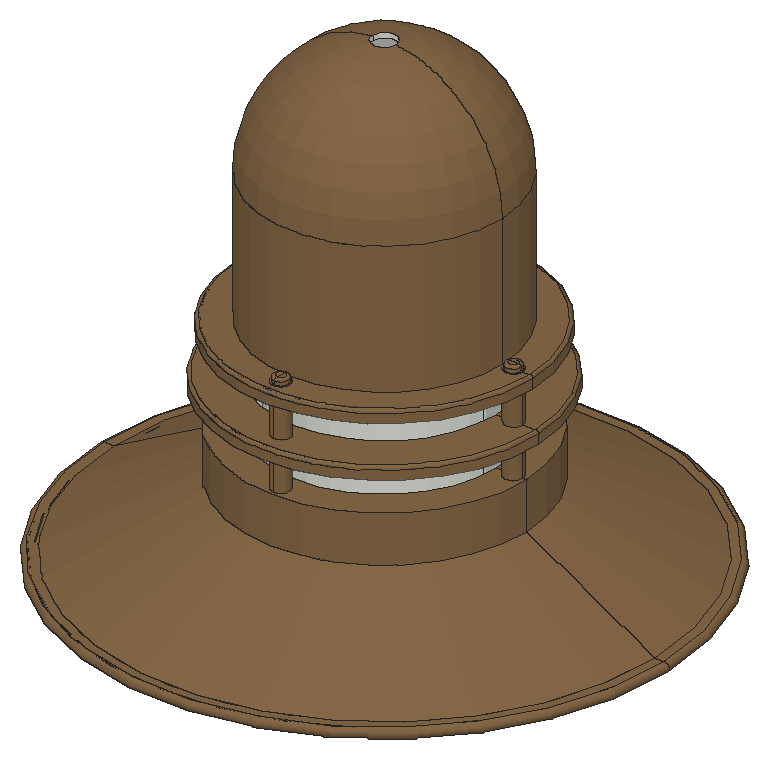
Revit family "UCR212 SHADE", category Lighting Fixtures, Revit 2024
Family settings
  Round Connector Dimension = Use Diameter
  Part Type = Normal
  OmniClass Number = 23.80.70.00
  OmniClass Title = Lighting
  Work Plane-Based = No
  Always vertical = Yes
  Cut with Voids When Loaded = No
  Light Source = Yes
  Maintain Annotation Orientation = No
  Shared = No
  Room Calculation Point = No
Parameters
  Wattage = 12.1178 W
  built-in parameter 1150110 = 1 (stored number, unit not read)
  built-in parameter 1114217 = 1 (stored number, unit not read)
  built-in parameter 1150109 = 1 (stored number, unit not read)
  built-in parameter 1150134 = (empty or 0)
  built-in parameter 1150113 = 1 (stored number, unit not read)
  Lumens = 1800 lm
  built-in parameter 1150115 = 1 (stored number, unit not read)
  built-in parameter 1150105 = 572.96 (stored number, unit not read)
  Light Source Symbol Size = 2' - 0"
  built-in parameter 1150137 = (empty or 0)
  built-in parameter 1150139 = (empty or 0)
  built-in parameter 1150112 = 1 (stored number, unit not read)
  built-in parameter 1150114 = 1 (stored number, unit not read)
  built-in parameter 1150132 = 2
  built-in parameter 1150102 = (empty or 0)
  built-in parameter 1150138 = (empty or 0)
  built-in parameter 1150107 = 3000 (stored number, unit not read)
  built-in parameter 1150106 = 5.7296 (stored number, unit not read)
  built-in parameter 1150104 = 13.8 (stored number, unit not read)
  Dimming Lamp Color Temperature Shift = (empty or 0)
  Default Elevation = 0' - 0"
  Color Filter = 16777215
  built-in parameter 1114218 = 1 (stored number, unit not read)
  built-in parameter 1150133 = 10 (stored number, unit not read)
Reference planes (in)
  plane 1 "Light Source Axis (F/B)": y = 0
  plane 2: z = 0
  plane 3 "Light Source Axis (L/R)": x = 0
  plane 4 "Light Source Elevation": z = 54
Forms (in)
  Revolve 1, solid
    sketch origin (0, 0, 0) x (1, 0, 0) y (0, 0, 1)
      loop
        line (-5.8002, 54.10625) -> (-5.68655, 54.10625) -> (-2.90625, 55.57827) -> (-2.90625, 56.51728) -> (-2.36335, 56.51728) -> (-2.36335, 56.61103) -> (-3, 56.61103) -> (-3, 55.63472) -> (-5.70984, 54.2) -> (-5.9, 54.2)
        arc (-5.9, 54.2) -> (-5.96847, 54.02711) -> (-5.8002, 54.10625) r 0.1
      loop
        line (-3.25, 57.375) -> (-3.15625, 57.375) -> (-3.15625, 57.53125) -> (-2.36335, 57.53125) -> (-2.36335, 57.625) -> (-3.1875, 57.625)
        arc (-3.1875, 57.625) -> (-3.23169, 57.60669) -> (-3.25, 57.5625) r 0.0625
        line (-3.25, 57.5625) -> (-3.25, 57.375)
      loop
        line (-3.125, 58.375) -> (-3.03125, 58.375) -> (-3.03125, 58.53125) -> (-2.40625, 58.53125) -> (-2.40625, 61.375)
        arc (-2.40625, 61.375) -> (-1.78768, 62.98566) -> (-0.25, 63.76823) r 2.40625
        line (-0.25, 63.76823) -> (-0.25, 63.86247)
        arc (-0.25, 63.86247) -> (-1.85405, 63.05205) -> (-2.5, 61.375) r 2.5
        line (-2.5, 61.375) -> (-2.5, 58.625) -> (-3.0625, 58.625)
        arc (-3.0625, 58.625) -> (-3.10669, 58.60669) -> (-3.125, 58.5625) r 0.0625
        line (-3.125, 58.5625) -> (-3.125, 58.375)
      loop
        line (-2.1, 59.21044) -> (-2.1, 53.8903)
        arc (-2.1, 53.8903) -> (-1.48492, 52.40537) -> (0, 51.7903) r 2.1
        line (0, 51.7903) -> (0, 51.88405)
        arc (0, 51.88405) -> (-1.41863, 52.47166) -> (-2.00625, 53.8903) r 2.00625
        line (-2.00625, 53.8903) -> (-2.00625, 59.21044) -> (-2.1, 59.21044)
      axis (0, 63.86247) -> (0, 51.7903)
    angle from 0 to 360
  Sweep 2, solid
    path origin (0, 0, 0) x (1, 0, 0) y (0, 0, 1)
      loop
        line (-2.72529, 56.61103) -> (-2.72529, 58.625)
    profile origin (-2.72529, 0, 57.61801) x (-1, 0, 0) y (0, -1, 0)
      loop
        circle (0, 0) r 0.1875
  Revolve 3, solid
    sketch origin (0, 0, 0) x (1, 0, 0) y (0, 0, 1)
      loop
        line (-2.72529, 58.625) -> (-2.72529, 58.73904) -> (-2.82891, 58.73904)
        arc (-2.82891, 58.73904) -> (-2.86416, 58.72444) -> (-2.87875, 58.6892) r 0.04984
        line (-2.87875, 58.6892) -> (-2.87875, 58.625) -> (-2.72529, 58.625)
      axis (-2.72529, 58.73904) -> (-2.72529, 58.625)
    angle from 0 to 360
  Sweep 4, solid
    path origin (0, 0, 0) x (0, -1, 0) y (0, 0, 1)
      loop
        line (-2.72529, 56.61103) -> (-2.72529, 58.625)
    profile origin (0, 2.72529, 57.61801) x (0, 1, 0) y (-1, 0, 0)
      loop
        circle (0, 0) r 0.1875
  Revolve 5, solid
    sketch origin (0, 0, 0) x (0, -1, 0) y (0, 0, 1)
      loop
        line (-2.72529, 58.625) -> (-2.72529, 58.73904) -> (-2.82891, 58.73904)
        arc (-2.82891, 58.73904) -> (-2.86416, 58.72444) -> (-2.87875, 58.6892) r 0.04984
        line (-2.87875, 58.6892) -> (-2.87875, 58.625) -> (-2.72529, 58.625)
      axis (-2.72529, 58.73904) -> (-2.72529, 58.625)
    angle from 0 to 360
  Sweep 6, solid
    path origin (0, 0, 0) x (0, 1, 0) y (0, 0, 1)
      loop
        line (-2.72529, 56.61103) -> (-2.72529, 58.625)
    profile origin (0, -2.72529, 57.61801) x (0, -1, 0) y (1, 0, 0)
      loop
        circle (0, 0) r 0.1875
  Revolve 7, solid
    sketch origin (0, 0, 0) x (0, 1, 0) y (0, 0, 1)
      loop
        line (-2.72529, 58.625) -> (-2.72529, 58.73904) -> (-2.82891, 58.73904)
        arc (-2.82891, 58.73904) -> (-2.86416, 58.72444) -> (-2.87875, 58.6892) r 0.04984
        line (-2.87875, 58.6892) -> (-2.87875, 58.625) -> (-2.72529, 58.625)
      axis (-2.72529, 58.73904) -> (-2.72529, 58.625)
    angle from 0 to 360
  Sweep 8, solid
    path origin (0, 0, 0) x (-1, 0, 0) y (0, 0, 1)
      loop
        line (-2.72529, 56.61103) -> (-2.72529, 58.625)
    profile origin (2.72529, 0, 57.61801) x (1, 0, 0) y (0, 1, 0)
      loop
        circle (0, 0) r 0.1875
  Revolve 9, solid
    sketch origin (0, 0, 0) x (-1, 0, 0) y (0, 0, 1)
      loop
        line (-2.72529, 58.625) -> (-2.72529, 58.73904) -> (-2.82891, 58.73904)
        arc (-2.82891, 58.73904) -> (-2.86416, 58.72444) -> (-2.87875, 58.6892) r 0.04984
        line (-2.87875, 58.6892) -> (-2.87875, 58.625) -> (-2.72529, 58.625)
      axis (-2.72529, 58.73904) -> (-2.72529, 58.625)
    angle from 0 to 360
Dimensions and locks (in)
  aligned and locked: plane 3 "Light Source Axis (L/R)" to imposter light
  aligned and locked: plane 1 "Light Source Axis (F/B)" to imposter light
  aligned and locked: plane 4 "Light Source Elevation" to imposter light
  aligned and locked: level to plane 2
